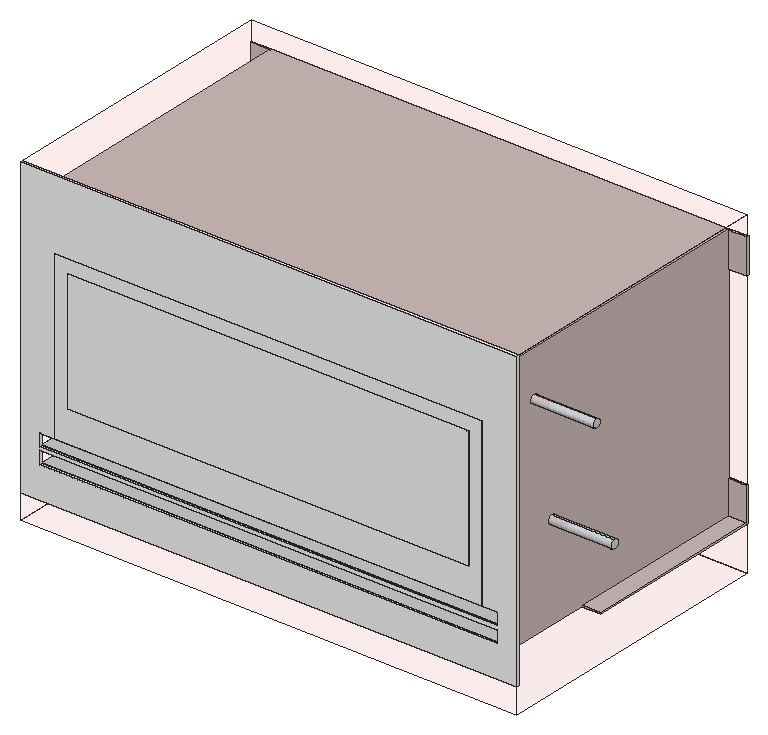
Revit family "Air-Curtain_Customer-Entry_PoweredAire_ECC-HW", category Mechanical Equipment, host Face, Revit 2017
Family settings
  Host = Face
  Round Connector Dimension = Use Diameter
  Part Type = Normal
  OmniClass Number = 23.75.35.17.21
  OmniClass Title = Air Curtains
  Cut with Voids When Loaded = No
  Shared = No
  Room Calculation Point = No
Parameters
  upperpiperotation [instance] = if(Upper Pipe Connection Side A, 0.00°, 180.00°)  # 0.00°
  lowerpiperotation [instance] = if(Lower Pipe Connection Side A, 0.00°, 180.00°)  # 0.00°
  locateupperpipe [instance] = if(Upper Pipe Connection Side A, 0' 0", Nozzle Width)  # 0' - 0"
  locatelowerpipe [instance] = if(Lower Pipe Connection Side A, 0' 0", Nozzle Width)  # 0' - 0"
  Warranty Duration (Years) = 0
  Upper Pipe Connection Side A [instance] = yes
  Unit Width Notes = "Other Widths available."  # constant formula
  Unit Width = 3' - 3"
  Unit Weight = 0
  Unit Height = 1' - 10 3/4"
  Unit Depth = 1' - 11 1/4"
  URL = "http://www.poweredaire.com/"
  Test Data = ""
  Standards Conformance = "as Specified"
  Specification = "http://www.arcat.com/sdspecs/htm04/23_34_33pai.htm"
  SpecWizard = ""
  Sound Pressure = "as Specified"
  Sales Information = "http://www.poweredaire.com/contact_us"
  Revision = "R1_2016-08"
  Projection from Host [instance] = 0' - 2"
  Product Properties = ""
  Product Data = "http://www.arcat.com/arcatcos/cos47/arc47623.html"
  Power Rating = 0 W
  Piping_Water Flow [instance] = 0 GPM
  Piping_Operating Pressure [instance] = 0.00 psi
  Piping_Exit Temperature [instance] = 0 °F
  Piping_Entry Temperature [instance] = 0 °F
  Pipe OD [instance] = 5/8"
  Nozzle Width = if(1 = 1, Unit Width - 0' 3", 0' 0")  # 3' - 0"
  Mounting Width = if(1 = 1, Unit Width - 0' 1 1/2", 0' 0")  # 3' - 1 1/2"
  Mounting Height [instance] = 3' - 6"
  Motor RPM = 0
  Motor HP = 0
  Motor Count = 0
  Model = "As Specified"
  Max Height = 0' - 0"
  Manufacturer Website = "http://www.poweredaire.com/"
  Manufacturer Phone - Toll Free = "888-321-2473"
  Manufacturer Phone = "724-588-3305"
  Manufacturer Fax = "724-588-3371"
  Manufacturer Address = "109 Mortensen Rd.  Greenville, PA 16125"
  Manufacturer = "Powered Aire, Inc"
  Maintenance Schedule (Months) = 0
  Lower Pipe Connection Side A [instance] = yes
  Keynote = "23 34 33"
  Installation-Fabrication = ""
  Installation Phase = ""
  Include Clearance [instance] = yes
  Heating Element Load = 0 W
  HVAC_Temperature Rise = 0 °F
  HVAC_Outlet Volume = 0 CFM
  HVAC_Outlet Velocity Uniformity = 0
  HVAC_Outlet Velocity = 0 FPM
  HVAC_BTU Input = 0.0 Btu/h
  Green Building-LEED = "http://www.arcat.com/green/clients/leed_data_47623.html"
  Front Grating Material [instance] = Metal - Steel - PoweredAire - White Perforated
  Frame Finish [instance] = Metal - Steel - PoweredAire - Stainless 304
  Expected Lifespan (Years) = 0
  Electrical_Wattage [instance] = Power Rating + Heating Element Load  # 0 W
  Electrical_Voltage [instance] = 0 V
  Electrical_Phase [instance] = 1
  Electrical_Frequency [instance] = 0 Hz
  Electrical_Amperage [instance] = 0 A
  Drawn By = "Sumex Design, Inc. / Robert S. Weygant, CSI, CDT, SCIP"
  Description = "Powered Aire Air Curtain as Specified"
  Default Elevation = 0' - 0"  # constant formula
  Cover Finish [instance] = Metal - Steel - PoweredAire - White
  Copyright = "©Arcat Inc."
  Construction Details = "http://www.arcat.com/details/powair/prod3336.html"
  Clearance_Top [instance] = 0' - 0"
  Clearance_Side B [instance] = 0' - 0"
  Clearance_Side A [instance] = 0' - 0"
  Clearance_Intake [instance] = 0' - 0"
  Clearance_Front [instance] = 0' - 0"
  Clearance Material [instance] = ARCAT Clearance
  Building Codes = ""
  Available Options [instance] = "as Specified"
  Assembly Code = "D3090400"
Reference planes (in)
  plane 1 "Center (Elevation)": y = 11.51318
  plane 2: z = 0
  plane 3 "Center (Left/Right)": x = 0
  plane 4: y = 22.88818
  plane 5: y = 0.13818
  plane 6: x = -19.5
  plane 7: x = 19.5
  plane 8: z = 25.25
  plane 9 "FF": y = -41.86182
  plane 10: z = 2
  plane 11: x = 18
  plane 12: x = -18
  plane 13: y = 22.88818
  plane 14: y = 0.13818
  plane 15: x = -19.5
  plane 16: x = 19.5
  plane 17: z = 25.25
  plane 18: y = 0.38818
  plane 19: x = 18
  plane 20: x = 18
  plane 21: z = 20.25
  plane 22: z = 11
Forms (in)
  Extrusion 1, solid, material "ARCAT Clearance" <- "Clearance Material", visible <- "Include Clearance"
    sketch origin (0, 0, 0) x (0, 1, 0) y (0, 0, 1)
      loop
        line (0.13818, 25.25) -> (0.13818, 0) -> (22.88818, 0) -> (22.88818, 25.25) -> (0.13818, 25.25)
    from -19.5 to 19.5
  Extrusion 2, solid, material "Metal - Steel - PoweredAire - White" <- "Cover Finish"
    sketch origin (0, 11.51318, 0) x (1, 0, 0) y (0, 0, 1)
      loop
        line (-19.5, 25.25) -> (-19.5, 2) -> (19.5, 2) -> (19.5, 25.25) -> (-19.5, 25.25)
    from 11.125 to 11.375
  Extrusion 3, solid, material "Metal - Steel - PoweredAire - Stainless 304" <- "Frame Finish"
    sketch origin (0, 11.51318, 0) x (1, 0, 0) y (0, 0, 1)
      loop
        line (18, 23.75) -> (-18, 23.75) -> (-18, 3.5) -> (18, 3.5) -> (18, 23.75)
    from -11.375 to 11.125
  Extrusion 4, void
    sketch origin (0, 0, 0) x (0, 1, 0) y (0, 0, 1)
      loop
        line (0.13818, 5.5) -> (0.13818, 4.5) -> (1.88818, 4.5) -> (1.88818, 6.75) -> (0.13818, 6.75) -> (0.13818, 5.75) -> (1.63818, 5.75) -> (1.63818, 5.5) -> (0.13818, 5.5)
    from -18 to 18
  Extrusion 5, solid, material "Metal - Steel - PoweredAire - White" <- "Cover Finish"
    sketch origin (-11.83813, 0.13818, 48) x (-1, 0, 0) y (0, 0, 1)
      loop
        line (4.91187, -41.25) -> (4.91187, -28.25) -> (-28.58813, -28.25) -> (-28.58813, -41.25) -> (4.91187, -41.25)
    from 0 to -0.03125
  Extrusion 6, solid, material "Metal - Steel - PoweredAire - White Perforated" <- "Front Grating Material"
    sketch origin (-11.83813, 0.10693, 48) x (1, 0, 0) y (0, 0, 1)
      loop
        line (-3.91187, -29.25) -> (-3.91187, -38.75) -> (27.58813, -38.75) -> (27.58813, -29.25) -> (-3.91187, -29.25)
    from 0 to 0.03125
  Extrusion 7, solid, material "Metal - Steel - PoweredAire - Stainless 304" <- "Frame Finish"
    sketch origin (-15.17702, -180, 2) x (-1, 0, 0) y (0, -1, 0)
      loop
        line (-33.17702, -202.88818) -> (-33.17702, -188.38818) -> (-34.67702, -188.38818) -> (-34.67702, -202.88818) -> (-33.17702, -202.88818)
      loop
        line (2.82298, -202.88818) -> (4.32298, -202.88818) -> (4.32298, -188.38818) -> (2.82298, -188.38818) -> (2.82298, -202.88818)
    from 1.5 to 1.625
  Extrusion 8, solid, material "Metal - Steel - PoweredAire - Stainless 304" <- "Frame Finish"
    sketch origin (-11.83813, 22.88818, 48) x (-1, 0, 0) y (0, 0, 1)
      loop
        line (7.66187, -44.5) -> (7.66187, -41.75) -> (6.16187, -41.75) -> (6.16187, -44.5) -> (7.66187, -44.5)
      loop
        line (-31.33813, -44.5) -> (-29.83813, -44.5) -> (-29.83813, -41.75) -> (-31.33813, -41.75) -> (-31.33813, -44.5)
      loop
        line (7.66187, -27) -> (7.66187, -24.25) -> (6.16187, -24.25) -> (6.16187, -27) -> (7.66187, -27)
      loop
        line (-31.33813, -27) -> (-29.83813, -27) -> (-29.83813, -24.25) -> (-31.33813, -24.25) -> (-31.33813, -27)
    from 0 to -0.125
  Sweep 9, solid
    path origin (18, 11.51318, 20.25) x (1, 0, 0) y (0, 0, 1)
      loop
        line (0, 0) -> (5, 0)
    profile origin (20.5, 11.51318, 20.25) x (0, 0, 1) y (0, -1, 0)
      loop
        circle (0, 7.875) r 0.3125
  Sweep 10, solid
    path origin (18, 11.51318, 11) x (1, 0, 0) y (0, 0, 1)
      loop
        line (0, 0) -> (5, 0)
    profile origin (20.5, 11.51318, 11) x (0, 0, 1) y (0, -1, 0)
      loop
        circle (0, 6.125) r 0.3125
Cuts and joins
  Extrusion 4 cuts Extrusion 1
  Extrusion 4 cuts Extrusion 2
  Extrusion 4 cuts Extrusion 3
Lines and regions (in)
  reference lines
    curve 1: line (18, 11.51318, 20.25) -> (25.75, 11.51318, 20.25)
    curve 2: line (18, 11.51318, 11) -> (26.25, 11.51318, 11)
Dimensions and locks (in)
  equal spacing: plane 4, plane 1 "Center (Elevation)", plane 5
  "Unit Height": plane 4 to plane 5
  equal spacing: plane 6, plane 3 "Center (Left/Right)", plane 7
  "Unit Width": plane 6 to plane 7
  "Mounting Height": plane 5 to plane 9 "FF"
  "Projection from Host": plane 10 to level
  "Unit Depth": plane 8 to plane 10
  locked: plane 6 to plane 12 at 1.5
  locked: plane 11 to plane 7 at 1.5
  "Clearance_Side A": plane 7 to plane 16
  "Clearance_Side B": plane 15 to plane 6
  "Clearance_Top": plane 13 to plane 4
  "Clearance_Intake": plane 5 to plane 14
  "Clearance_Front": plane 17 to plane 8
  locked: plane 8 to Extrusion 3 sketch curve at 1.5
  locked: Extrusion 3 sketch curve to plane 10 at 1.5
  locked: plane 7 to Extrusion 3 sketch curve at 1.5
  locked: Extrusion 3 sketch curve to plane 6 at 1.5
  locked: plane 18 to plane 5 at 0.25
  Extrusion 4 sketch curve to Extrusion 4 sketch curve to Extrusion 4 sketch curve to Extrusion 4 sketch curve to plane 10 = 0' - 1" locked, 0' - 0 1/4" locked, 0' - 1" locked, 0' - 2 1/2" locked
  Extrusion 5 sketch curve to Extrusion 5 sketch curve to plane 10 = 1' - 1" locked, 0' - 4 3/4" locked
  locked: plane 11 to Extrusion 5 sketch curve at 1.25
  locked: Extrusion 5 sketch curve to plane 12 at 1.25
  Extrusion 6 sketch curve to Extrusion 6 sketch curve to plane 10 = 0' - 9 1/2" locked, 0' - 7 1/4" locked
  locked: Extrusion 6 sketch curve to plane 12 at 2.25
  locked: plane 11 to Extrusion 6 sketch curve at 2.25
  locked: plane 4 to Extrusion 7 sketch curve at 14.5  (x2)
  Extrusion 8 sketch curve to Extrusion 8 sketch curve to Extrusion 8 sketch curve to Extrusion 8 sketch curve to plane 10 = 0' - 2 3/4" locked, 1' - 2 3/4" locked, 0' - 2 3/4" locked, 0' - 1 1/2" locked  (x2)
  "locatelowerpipe": plane 19 to plane 11
  "locateupperpipe": plane 20 to plane 11
  locked: plane 8 to plane 21 at 5
  locked: plane 22 to plane 10 at 9
  locked: curve 1 to Sweep 9 sketch curve at 5
  locked: curve 1 to Sweep 9 sketch curve
  locked: curve 2 to Sweep 10 sketch curve at 5
  locked: curve 2 to Sweep 10 sketch curve
  locked: plane 5 to Sweep 9 sketch curve at 3.5
  locked: plane 5 to Sweep 10 sketch curve at 5.25
  "lowerpiperotation": angle plane 21 to curve 1
  "upperpiperotation": angle plane 22 to curve 2
  aligned and locked: plane 2 to host face
  aligned and locked: level to host face
  aligned and locked: Extrusion 1 sketch curve to plane 17
  aligned and locked: plane 14 to Extrusion 1 sketch curve
  aligned and locked: level to Extrusion 1 sketch curve
  aligned and locked: Extrusion 1 sketch curve to plane 13
  aligned and locked: plane 16 to Extrusion 1
  aligned and locked: Extrusion 1 to plane 15
  aligned and locked: Extrusion 2 sketch curve to plane 8
  aligned and locked: plane 6 to Extrusion 2 sketch curve
  aligned and locked: Extrusion 2 sketch curve to plane 10
  aligned and locked: Extrusion 2 sketch curve to plane 7
  aligned and locked: Extrusion 3 to plane 4
  aligned and locked: Extrusion 3 to plane 18
  aligned and locked: Extrusion 2 to plane 18
  aligned and locked: Extrusion 2 to plane 5
  aligned and locked: plane 11 to Extrusion 4
  aligned and locked: Extrusion 4 to plane 12
  aligned and locked: Extrusion 7 sketch curve to plane 4  (x2)
  aligned and locked: plane 20 to curve 2
  aligned and locked: plane 22 to curve 2
  aligned and locked: plane 19 to curve 1
  aligned and locked: plane 21 to curve 1
Automatic sketch dimensions
  host sketch curve to host sketch curve = 8' - 0"  (x2)
  Extrusion 4 sketch curve to plane 5 = 0' - 0"  (x2)
  plane 18 to Extrusion 4 sketch curve = 0' - 1 1/4"
  Extrusion 4 sketch curve to Extrusion 4 sketch curve = 0' - 0 1/4"
  Extrusion 7 sketch curve to plane 7 = 0' - 0"
  Extrusion 7 sketch curve to plane 11 = 0' - 0"
  Extrusion 7 sketch curve to plane 12 = 0' - 0"
  Extrusion 7 sketch curve to plane 6 = 0' - 0"
  Extrusion 8 sketch curve to plane 7 = 0' - 0"  (x2)
  Extrusion 8 sketch curve to plane 11 = 0' - 0"  (x2)
  Extrusion 8 sketch curve to plane 12 = 0' - 0"  (x2)
  Extrusion 8 sketch curve to plane 6 = 0' - 0"  (x2)
  profile plane to Sweep 9 sketch curve = 0' - 0"
  profile plane to Sweep 10 sketch curve = 0' - 0"
  radius of Sweep 9 sketch curve = 0' - 0 5/16"
  radius of Sweep 10 sketch curve = 0' - 0 5/16"
Connectors (in)
  electrical at (-18, 6.38818, 9.625), driven by "Electrical_Voltage", driven by "Electrical_Phase"
    settings: on cut or joined group of Extrusion 3, Extrusion 4, index 1, voltage 0 V, apparent load 0 VA, apparent load phase1 0 VA, apparent load phase2 0 VA, apparent load phase3 0 VA, power factor 1, load classification "Other", number of poles 1, system type 31, power factor state 1, is connector primary yes, connector utility no, sub classification motor no, connector description ""
  piping at (23, 3.63818, 20.25), diameter 0.625, driven by "Pipe OD"
    settings: on Sweep 9, index 2, connector inside diameter 24", connector length 0' - 0", flow factor 0, pipe flow 0 GPM, pressure drop 0.00 psi, fitting loss kfactor 0, connector angle 0.00°, fixture units 0, engagement length 0' - 0", angle of deflection 0.00°, flow configuration 0, flow direction 0, fitting loss method 0, system type 29, joint type 0, gender type 0, connector reference index -1, connector utility 0, adjustable connector no, is connector primary no, connector description "Define Supply or Return and Location"
  piping at (23, 5.38818, 11), diameter 0.625, driven by "Pipe OD"
    settings: on Sweep 10, index 3, connector inside diameter 24", connector length 0' - 0", flow factor 0, pipe flow 0 GPM, pressure drop 0.00 psi, fitting loss kfactor 0, connector angle 0.00°, fixture units 0, engagement length 0' - 0", angle of deflection 0.00°, flow configuration 0, flow direction 0, fitting loss method 0, system type 29, joint type 0, gender type 0, connector reference index -1, connector utility 0, adjustable connector no, is connector primary yes, connector description "Define Supply or Return and Location"
